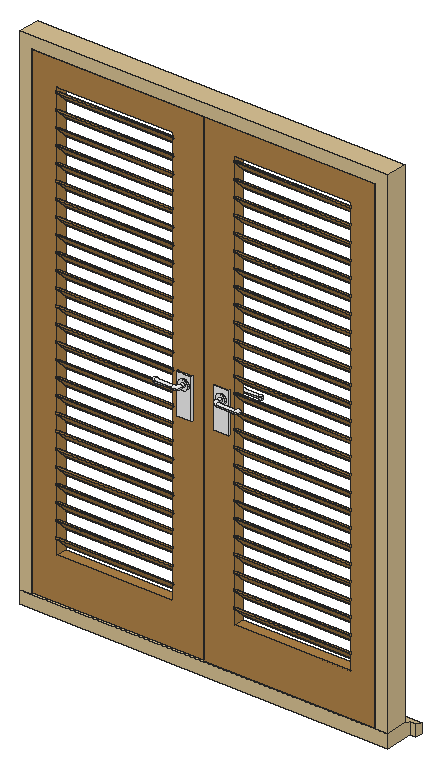
Revit family "e772d17741c8496a9564ea2639328768", category Doors, host Wall, Revit 2025
Family settings
  Host = Wall
  Always vertical = Yes
  Cut with Voids When Loaded = No
  Shared = No
  Room Calculation Point = No
Parameters (values of type "1510x2110mm")
  Wrap Layers (Int) from Ext = 177.5 mm
  Wrap Layers (Ext) from Ext = 102.5 mm
  Visual Light Transmittance = 0
  Vis - Ironmongery = yes
  Vis - Cavity Closers = yes
  Type Comments = "External Double"
  Thickness = Door Panel Thickness  # 44.0 mm
  Stile Top Rail = 100.0 mm
  Stile Shutting = 125.0 mm
  Stile Hanging = 100.0 mm
  Stile Bottom Rail = 175.0 mm
  Solar Heat Gain Coefficient = 0
  Rough Width = Width  # 1510.0 mm
  Rough Height = Height  # 2110.0 mm
  Operation = "DoubleDoorSingleSwing"
  O/A Frame Width = 64.0 mm
  Define Thermal Properties by = Schematic Type
  Construction Type Id = "MDOOR"
  No of Louvres = 26
  Material Louvres = Door - Panel
  Keynote = "L20"
  Heat Transfer Coefficient (U) = 3.7021 W/(m²·K)
  Handle Z Distance = 1050.0 mm
  Handle Style = Handle Domestic (1) : Handle Domestic (1)
  Function = Exterior
  FrameWidth = 42.0 mm
  FrameOffset - External = 25.0 mm
  FrameDepth = 89.0 mm
  Door Panel Width = (Width / 2) - (Structural Tolerance) - (1.5 * Tolerance) - (FrameWidth)  # 702.0 mm
  Door Panel Thickness = 44.0 mm
  Door Panel Height = Height - Structural Tolerance - Tolerance - FrameWidth - Undercut - Cill Thickness  # 2000.0 mm
  DONT CHANGE Louvre Length = Door Panel Width - Stile Shutting - Stile Hanging  # 477.0 mm
  Cill Thickness = 54.5 mm
  Cill Projection = 30.0 mm
  Handle X Distance = 75.0 mm
  Height = 2110.0 mm
  Material Door = Door - Panel
  Material Frame = Door - Frame/Mullion
  Material Ironmongery = Door - Handle
  Structural Tolerance = 6.5 mm
  Tolerance = 3.0 mm
  Undercut = 4.0 mm
  Wall Closure = By host
  Width = 1510.0 mm
  Cill Extension = 25.0 mm
  Cavity Closer Width = 50.0 mm
  Cavity Closer Offset from Ext = 102.5 mm
  Cavity Closer Depth = 85.0 mm
  Analytic Construction = "Metal"
Types (2, lengths in mm): name | Rough Width | Door Panel Width | DONT CHANGE Louvre Length | Width
  1510x2110mm | 1510.0 | 702.0 | 477.0 | 1510.0
  1810x2110mm | 1810.0 | 852.0 | 627.0 | 1810.0
Reference planes
  plane 1: y = 0
  plane 2 "Center L/R": x = 0
  plane 3 "Left": x = -755
  plane 4 "Right": x = 755
  plane 5 "Head Opening": z = 2110
  plane 6 "Exterior": y = 150
  plane 7 "Interior": y = -150
  plane 8 "ST left": x = -748.5
  plane 9 "ST right": x = 748.5
  plane 10 "Int frame left": x = -706.5
  plane 11 "Int frame right": x = 706.5
  plane 12 "Left T": x = -853.5
  plane 13 "RHS Leaf Edge": x = 703.5
  plane 14: z = 2103.5
  plane 15: z = 2061.5
  plane 16: z = 2058.5
  plane 17: y = 83
  plane 18 "Ironmongery Axis X": x = 76.5
  plane 19 "Ironmongery Axis Z": z = 1050
  plane 20 "LHS Leaf Edge": x = -703.5
  plane 21: z = 0
  plane 22: y = 80
  plane 23: y = 125
  plane 24: y = 36
  plane 25 "LHS Cill Extension": x = -780
  plane 26 "RHS Cill Extension": x = 780
  plane 27: y = 180
  plane 28: z = 58.5
  plane 29 "Threshold": z = 54.5
  plane 30 "Front Cavity Closer": y = 47.5
  plane 31 "Mid LHS Leaf": x = -1.5
  plane 32 "Mid RHS Leaf": x = 1.5
  plane 33: x = -76.5
  plane 34: z = 233.5
  plane 35: z = 1958.5
  plane 36: x = -603.5
  plane 37: x = -126.5
  plane 38: x = 126.5
  plane 39: x = 603.5
  plane 40: y = 47.5
  plane 41: y = -27.5
Forms (mm)
  Sweep 1, solid, material "Door - Frame/Mullion" <- "Material Frame"
    path origin (0, 125, 0) x (1, 0, 0) y (0, 0, 1)
      loop
        line (748.5, 54.5) -> (748.5, 2103.5) -> (-748.5, 2103.5) -> (-748.5, 54.5)
    profile origin (0, 0, 1079) x (-1, 0, 0) y (0, -1, 0)
      loop
        line (-755, -125) -> (-684.5, -125) -> (-684.5, -83) -> (-706.5, -83) -> (-706.5, -36) -> (-755, -36) -> (-755, -125)
  Extrusion 2, solid, material "Door - Panel" <- "Material Door"
    sketch origin (0, 36, 0) x (1, 0, 0) y (0, 0, 1)
      loop
        line (1.5, 58.5) -> (703.5, 58.5) -> (703.5, 2058.5) -> (1.5, 2058.5) -> (1.5, 58.5)
      loop
        line (-1.5, 58.5) -> (-1.5, 2058.5) -> (-703.5, 2058.5) -> (-703.5, 58.5) -> (-1.5, 58.5)
      loop
        line (-603.5, 1958.5) -> (-603.5, 233.5) -> (-126.5, 233.5) -> (-126.5, 1958.5) -> (-603.5, 1958.5)
      loop
        line (126.5, 1958.5) -> (126.5, 233.5) -> (603.5, 233.5) -> (603.5, 1958.5) -> (126.5, 1958.5)
    from 0 to -44
  Extrusion 3, solid, material "Door - Frame/Mullion" <- "Material Frame"
    sketch origin (0, 0, 0) x (0, 1, 0) y (0, 0, 1)
      loop
        line (36, 54.5) -> (36, 0) -> (180, 0) -> (180, 38.595) -> (125, 54.5) -> (36, 54.5)
    from -780 to 780
  Extrusion 4, void
    sketch origin (0, 0, 0) x (0, 1, 0) y (1, 0, 0)
      loop
        line (150, -790) -> (150, -755) -> (36, -755) -> (36, -790) -> (150, -790)
    from 0 to -54.5
  Extrusion 5, void
    sketch origin (0, 0, 0) x (0, 1, 0) y (1, 0, 0)
      loop
        line (150, 755) -> (150, 790) -> (36, 790) -> (36, 755) -> (150, 755)
    from 0 to -54.5
Cuts and joins
  Extrusion 4, Extrusion 5 cuts Sweep 1
  Extrusion 4, Extrusion 5 cuts Extrusion 2
  Extrusion 4, Extrusion 5 cuts Extrusion 3
Lines and regions (mm)
  Opening 1
    outline origin (-5000, -150, 0) x (1, 0, 0) y (0, 0, 1)
      loop
        line (5755, 2110) -> (4245, 2110) -> (4245, 0) -> (5755, 0) -> (5755, 2110)
  Masking region 1, detail levels medium+fine
    outline origin (0, 0, 0) x (0, 1, 0) y (-1, 0, 0)
      loop
        line (-666, 703.5) -> (-666, 659.5) -> (36, 659.5) -> (36, 703.5) -> (-666, 703.5)
      loop
        line (36, -659.5) -> (-666, -659.5) -> (-666, -703.5) -> (36, -703.5) -> (36, -659.5)
  Masking region 2, detail levels medium+fine
    outline origin (0, 0, 54.5) x (0, 1, 0) y (-1, 0, 0)
      loop
        line (36, -755) -> (150, -755) -> (150, -780) -> (180, -780) -> (180, 780) -> (150, 780) -> (150, 755) -> (36, 755) -> (36, -755)
  symbolic lines, style "DoorsPanelProjection", detail levels medium+fine
    curve 1: line (703.5, 36, 0) -> (659.5, 36, 0)
    curve 3: line (703.5, -666, 0) -> (659.5, -666, 0)
    curve 4: line (659.5, 36, 0) -> (659.5, -666, 0)
    curve 22: line (-703.5, 36, 0) -> (-659.5, 36, 0)
    curve 24: line (-703.5, -666, 0) -> (-659.5, -666, 0)
    curve 25: line (-659.5, 36, 0) -> (-659.5, -666, 0)
  symbolic lines, style "DoorsPanelProjection"
    curve 2: line (703.5, -666, 0) -> (703.5, 36, 0)
    curve 23: line (-703.5, -666, 0) -> (-703.5, 36, 0)
  symbolic lines, style "Threshold", detail levels medium+fine
    curve 5: line (-780, 150, 0) -> (-780, 180, 0)
    curve 6: line (-780, 180, 0) -> (780, 180, 0)
    curve 7: line (780, 180, 0) -> (780, 150, 0)
  symbolic lines, style "Cavity Closer", visible <- "Vis - Cavity Closers", detail levels medium+fine
    curve 8: line (-805, -37.5, 0) -> (-755, -37.5, 0)
    curve 9: line (-805, 47.5, 0) -> (-805, -37.5, 0)
    curve 10: line (-755, 47.5, 0) -> (-805, 47.5, 0)
    curve 11: line (-755, -37.5, 0) -> (-755, 47.5, 0)
    curve 12: line (755, -37.5, 0) -> (805, -37.5, 0)
    curve 13: line (755, 47.5, 0) -> (755, -37.5, 0)
    curve 14: line (805, 47.5, 0) -> (755, 47.5, 0)
    curve 15: line (805, -37.5, 0) -> (805, 47.5, 0)
    curve 16: line (-805, -37.5, 0) -> (-755, 47.5, 0)
    curve 17: line (-805, 47.5, 0) -> (-755, -37.5, 0)
    curve 18: line (755, -37.5, 0) -> (805, 47.5, 0)
    curve 19: line (755, 47.5, 0) -> (805, -37.5, 0)
  symbolic lines, style "Plan Swing"
    curve 20: arc (1.5, 36, 0) -> (207.111, -460.389, 0) -> (703.5, -666, 0) r 702
    curve 21: arc (-1.5, 36, 0) -> (-207.111, -460.389, 0) -> (-703.5, -666, 0) r 702
  symbolic lines, style "Elevation Swing"
    curve 26: line (0, 0, 54.5) -> (684.5, 0, 1029.25)
    curve 27: line (684.5, 0, 1029.25) -> (0, 0, 2039.5)
    curve 28: line (0, 0, 2039.5) -> (-684.5, 0, 1029.25)
    curve 29: line (0, 0, 54.5) -> (-684.5, 0, 1029.25)
  symbolic lines, style "DoorsFrameMullionProjection", detail levels coarse
    curve 30: line (0, 125, 2110) -> (0, 125, 54.5)
    curve 31: line (0, 125, 2039.5) -> (0, 83, 2039.5)
    curve 32: line (0, 83, 54.5) -> (0, 83, 2061.5)
    curve 33: line (0, 83, 2061.5) -> (0, 36, 2061.5)
    curve 34: line (0, 36, 54.5) -> (0, 36, 2110)
  symbolic lines, style "DoorsPanelProjection", detail levels coarse
    curve 35: line (0, 80, 2058.5) -> (0, 80, 58.5)
    curve 36: line (0, 36, 2058.5) -> (0, 80, 2058.5)
    curve 37: line (0, 80, 58.5) -> (0, 36, 58.5)
  symbolic lines, style "Threshold", detail levels coarse
    curve 38: line (0, 180, 38.595) -> (0, 180, 0)
    curve 39: line (0, 125, 54.5) -> (0, 180, 38.595)
    curve 40: line (0, 36, 54.5) -> (0, 125, 54.5)
    curve 41: line (0, 36, 0) -> (0, 36, 54.5)
  symbolic lines, style "Doors", detail levels medium+fine
    curve 42: line (191.5, 0, 1873.5) -> (138.5, 0, 1873.5)
Text (mm)
  text "Exterior" at (-1796.445, 976.134, 0), in view "Ref. Level"
  text "Exterior" at (0, 1615.38, 2893.938), in view "Left"
  text "Exterior" at (0, 1036.032, 3874.932), in view "Right"
Dimensions and locks
  equal spacing: plane 3 "Left", plane 2 "Center L/R", plane 4 "Right"
  "Width": plane 3 "Left" to plane 4 "Right"
  "Height": level to plane 5 "Head Opening"
  locked: plane 6 "Exterior" to host wall
  locked: plane 7 "Interior" to host wall
  "Structural Tolerance": plane 3 "Left" to plane 8 "ST left"
  "Structural Tolerance": plane 9 "ST right" to plane 4 "Right"
  "Tolerance": plane 13 "RHS Leaf Edge" to plane 11 "Int frame right"
  "Structural Tolerance": plane 5 "Head Opening" to plane 14
  "Tolerance": plane 15 to plane 16
  "Door Panel Thickness": plane 24 to plane 22
  "Tolerance": plane 10 "Int frame left" to plane 20 "LHS Leaf Edge"
  "Tolerance": plane 22 to plane 17
  "FrameDepth": plane 24 to plane 23
  "FrameWidth": plane 8 "ST left" to plane 10 "Int frame left"
  "FrameWidth": plane 11 "Int frame right" to plane 9 "ST right"
  "Door Panel Thickness": curve 4 to plane 13 "RHS Leaf Edge"
  "O/A Frame Width": Sweep 1 sketch curve to plane 9 "ST right"
  "FrameOffset - External": plane 23 to plane 6 "Exterior"
  "Cill Extension": plane 25 "LHS Cill Extension" to plane 3 "Left"
  "Cill Projection": plane 6 "Exterior" to plane 27
  "Cill Extension": plane 4 "Right" to plane 26 "RHS Cill Extension"
  "Undercut": plane 29 "Threshold" to plane 28
  "FrameWidth": plane 14 to plane 15
  "Cill Thickness": plane 29 "Threshold" to plane 21
  locked: Extrusion 4 sketch curve to plane 25 "LHS Cill Extension" at 10
  locked: plane 26 "RHS Cill Extension" to Extrusion 5 sketch curve at 10
  "Handle Z Distance": level to plane 19 "Ironmongery Axis Z"
  "Cavity Closer Offset from Ext": plane 30 "Front Cavity Closer" to plane 6 "Exterior"
  "Cavity Closer Depth": curve 8 to plane 30 "Front Cavity Closer"
  "Cavity Closer Depth": curve 12 to plane 30 "Front Cavity Closer"
  "Cavity Closer Width": curve 9 to plane 3 "Left"
  "Cavity Closer Width": plane 4 "Right" to curve 15
  "Cavity Closer Offset from Ext": nested 2 to plane 6 "Exterior"
  cut or joined group of Extrusion 3, Extrusion 4, Extrusion 5 to cut or joined group of Sweep 1, Extrusion 4, Extrusion 5 = 1985.0 mm
  "Tolerance": plane 31 "Mid LHS Leaf" to plane 32 "Mid RHS Leaf"
  equal spacing: plane 31 "Mid LHS Leaf", plane 2 "Center L/R", plane 32 "Mid RHS Leaf"
  "Handle X Distance": plane 32 "Mid RHS Leaf" to plane 18 "Ironmongery Axis X"
  "Handle X Distance": plane 33 to plane 31 "Mid LHS Leaf"
  "Door Panel Thickness": curve 23 to curve 25
  equal spacing: level, curve 27, plane 16
  equal spacing: level, curve 29, plane 16
  "Stile Hanging": plane 39 to plane 13 "RHS Leaf Edge"
  "Stile Bottom Rail": plane 34 to plane 28
  "Stile Top Rail": plane 16 to plane 35
  "Stile Shutting": plane 32 "Mid RHS Leaf" to plane 38
  "Stile Shutting": plane 37 to plane 31 "Mid LHS Leaf"
  "Stile Hanging": plane 20 "LHS Leaf Edge" to plane 36
  "Wrap Layers (Ext) from Ext": plane 40 to plane 6 "Exterior"
  locked: plane 34 to nested 3 at 15
  equal spacing: group 1, group 5, group 7, group 8, group 9, group 10, group 11, group 12, group 13, group 14, group 15, group 16, group 17, group 18, group 19, group 20, group 21, group 22, group 23, group 24, group 25, group 26, group 27, group 28, group 29, group 2  (x3)
  locked: nested 4 to plane 35 at 15
  locked: plane 34 to nested 5 at 15
  equal spacing: group 3, group 6, group 30, group 31, group 32, group 33, group 34, group 35, group 36, group 37, group 38, group 39, group 40, group 41, group 42, group 43, group 44, group 45, group 46, group 47, group 48, group 49, group 50, group 51, group 52, group 4  (x3)
  locked: nested 6 to plane 35 at 15
  "Wrap Layers (Int) from Ext": plane 41 to plane 6 "Exterior"
  aligned and locked: plane 1 to host wall
  aligned and locked: plane 9 "ST right" to Sweep 1 sketch curve
  aligned and locked: plane 14 to Sweep 1 sketch curve
  aligned and locked: profile plane to plane 9 "ST right"
  aligned and locked: Sweep 1 sketch curve to plane 4 "Right"
  aligned and locked: Sweep 1 sketch curve to plane 17
  aligned and locked: plane 11 "Int frame right" to Sweep 1 sketch curve
  aligned and locked: plane 24 to Sweep 1 sketch curve
  aligned and locked: Sweep 1 sketch curve to plane 23
  aligned and locked: plane 16 to Extrusion 2 sketch curve
  aligned and locked: Extrusion 2 to plane 22
  aligned and locked: curve 1 to plane 24
  aligned and locked: Extrusion 3 to plane 26 "RHS Cill Extension"
  aligned and locked: Extrusion 3 to plane 25 "LHS Cill Extension"
  aligned and locked: plane 29 "Threshold" to Extrusion 3
  aligned and locked: Sweep 1 to Extrusion 3 sketch curve
  aligned and locked: plane 29 "Threshold" to Sweep 1 sketch curve  (x2)
  aligned and locked: plane 28 to Extrusion 2
  aligned and locked: plane 29 "Threshold" to Extrusion 4
  aligned and locked: plane 24 to Extrusion 5 sketch curve
  aligned and locked: plane 29 "Threshold" to Extrusion 5
  aligned and locked: plane 25 "LHS Cill Extension" to curve 5
  aligned and locked: curve 6 to plane 27
  aligned and locked: curve 7 to plane 26 "RHS Cill Extension"
  aligned and locked: plane 3 "Left" to nested 1
  aligned and locked: nested 1 to plane 30 "Front Cavity Closer"
  aligned and locked: nested 2 to plane 4 "Right"
  aligned and locked: plane 30 "Front Cavity Closer" to nested 2
  aligned and locked: plane 32 "Mid RHS Leaf" to cut or joined group of Extrusion 2, Extrusion 4, Extrusion 5
  aligned and locked: Extrusion 2 sketch curve to plane 31 "Mid LHS Leaf"
  aligned and locked: plane 28 to Extrusion 2 sketch curve
  aligned and locked: cut or joined group of Extrusion 2, Extrusion 4, Extrusion 5 to plane 16
  aligned and locked: Extrusion 2 sketch curve to plane 20 "LHS Leaf Edge"
  aligned and locked: cut or joined group of Sweep 1, Extrusion 4, Extrusion 5 to curve 29
  aligned and locked: plane 39 to Extrusion 2 sketch curve
  aligned and locked: plane 38 to Extrusion 2 sketch curve
  aligned and locked: Extrusion 2 sketch curve to plane 35  (x2)
  aligned and locked: plane 34 to Extrusion 2 sketch curve  (x2)
  aligned and locked: plane 37 to Extrusion 2 sketch curve
  aligned and locked: plane 36 to Extrusion 2 sketch curve
  aligned and locked: curve 23 to plane 20 "LHS Leaf Edge"
  aligned and locked: curve 30 to cut or joined group of Sweep 1, Extrusion 4, Extrusion 5
  aligned and locked: curve 31 to cut or joined group of Sweep 1, Extrusion 4, Extrusion 5
  aligned and locked: curve 32 to cut or joined group of Sweep 1, Extrusion 4, Extrusion 5
  aligned and locked: curve 33 to cut or joined group of Sweep 1, Extrusion 4, Extrusion 5
  aligned and locked: curve 34 to cut or joined group of Sweep 1, Extrusion 4, Extrusion 5
  aligned and locked: curve 35 to cut or joined group of Extrusion 2, Extrusion 4, Extrusion 5
  aligned and locked: curve 36 to cut or joined group of Extrusion 2, Extrusion 4, Extrusion 5
  aligned and locked: curve 37 to cut or joined group of Extrusion 2, Extrusion 4, Extrusion 5
  aligned and locked: curve 38 to cut or joined group of Extrusion 3, Extrusion 4, Extrusion 5
  aligned and locked: curve 39 to cut or joined group of Extrusion 3, Extrusion 4, Extrusion 5
  aligned and locked: curve 40 to cut or joined group of Extrusion 3, Extrusion 4, Extrusion 5
  aligned and locked: curve 41 to cut or joined group of Extrusion 3, Extrusion 4, Extrusion 5
  aligned and locked: plane 36 to nested 3
  aligned and locked: plane 22 to nested 3
  aligned and locked: plane 22 to nested 4
  aligned and locked: plane 36 to nested 4
  aligned and locked: nested 5 to plane 39
  aligned and locked: plane 22 to nested 5
  aligned and locked: plane 22 to nested 6
  aligned and locked: nested 6 to plane 39
  aligned and locked: nested 10 to plane 22
  aligned and locked: plane 22 to nested 9
  aligned and locked: nested 11 to cut or joined group of Extrusion 3, Extrusion 4, Extrusion 5
  aligned and locked: cut or joined group of Extrusion 3, Extrusion 4, Extrusion 5 to nested 12
  aligned and locked: Masking region 1 sketch curve to curve 23
  aligned and locked: Masking region 1 sketch curve to curve 25
  aligned and locked: Masking region 1 sketch curve to curve 24
  aligned and locked: Masking region 1 sketch curve to curve 22
  aligned and locked: Masking region 1 sketch curve to curve 4
  aligned and locked: Masking region 1 sketch curve to curve 2
  aligned and locked: Masking region 1 sketch curve to curve 3
  aligned and locked: Masking region 1 sketch curve to curve 1
  aligned and locked: plane 24 to Masking region 2 sketch curve
  aligned and locked: plane 3 "Left" to Masking region 2 sketch curve
  aligned and locked: plane 25 "LHS Cill Extension" to Masking region 2 sketch curve
  aligned and locked: plane 6 "Exterior" to Masking region 2 sketch curve
  aligned and locked: plane 26 "RHS Cill Extension" to Masking region 2 sketch curve
  aligned and locked: plane 4 "Right" to Masking region 2 sketch curve
  aligned and locked: Masking region 2 sketch curve to plane 27
Automatic sketch dimensions
  Extrusion 3 sketch curve to plane 24 = 0.0 mm
  Extrusion 3 sketch curve to plane 27 = 0.0 mm
  Extrusion 3 sketch curve to level = 0.0 mm
  Extrusion 3 sketch curve to plane 29 "Threshold" = 0.0 mm
  Extrusion 3 sketch curve to plane 29 "Threshold" = 15.905 mm
  Sweep 1 sketch curve to plane 8 "ST left" = 0.0 mm
  Extrusion 4 sketch curve to plane 24 = 0.0 mm
  Extrusion 4 sketch curve to host wall = 0.0 mm
  Extrusion 4 sketch curve to plane 3 "Left" = 0.0 mm
  Extrusion 5 sketch curve to host wall = 0.0 mm
  Extrusion 5 sketch curve to plane 4 "Right" = 0.0 mm
  curve 11 to plane 3 "Left" = 0.0 mm
  curve 20 to plane 32 "Mid RHS Leaf" = 0.0 mm
  curve 2 to plane 13 "RHS Leaf Edge" = 0.0 mm
  curve 19 to plane 4 "Right" = 0.0 mm
  curve 11 to plane 30 "Front Cavity Closer" = 0.0 mm
  curve 13 to plane 30 "Front Cavity Closer" = 0.0 mm
  curve 7 to host wall = 0.0 mm
  curve 5 to host wall = 0.0 mm
  curve 21 to plane 31 "Mid LHS Leaf" = 0.0 mm
  curve 22 to plane 24 = 0.0 mm
  Extrusion 2 sketch curve to plane 32 "Mid RHS Leaf" = 0.0 mm
  Extrusion 2 sketch curve to plane 13 "RHS Leaf Edge" = 0.0 mm
  Extrusion 2 sketch curve to plane 28 = 0.0 mm
  Extrusion 2 sketch curve to plane 16 = 0.0 mm
  curve 21 to plane 24 = 0.0 mm
  curve 20 to plane 24 = 0.0 mm
  curve 30 to plane 5 "Head Opening" = 0.0 mm
  curve 34 to plane 5 "Head Opening" = 0.0 mm
  curve 38 to level = 0.0 mm
  curve 41 to level = 0.0 mm
  curve 27 to plane 2 "Center L/R" = 0.0 mm
  curve 29 to plane 29 "Threshold" = 0.0 mm
  plane 16 to curve 27 = 19.0 mm
  plane 13 "RHS Leaf Edge" to curve 27 = 19.0 mm
  curve 42 to plane 38 = 12.0 mm
  plane 35 to curve 42 = 85.0 mm
  curve 42 to curve 42 = 53.0 mm
  Opening 1 sketch curve to plane 3 "Left" = 0.0 mm
  Opening 1 sketch curve to level = 0.0 mm
  Opening 1 sketch curve to plane 4 "Right" = 0.0 mm
  Opening 1 sketch curve to plane 5 "Head Opening" = 0.0 mm
  Masking region 2 sketch curve to host wall = 0.0 mm
  curve 29 to plane 2 "Center L/R" = 0.0 mm
Nested families
  nested 1: "Cavity Closer" at (-805, 47.5, 0), visible <- "Vis - Cavity Closers", type "Cavity Closer", detail levels medium+fine
    with Closer Depth 85.0 mm
  nested 2: "Cavity Closer" at (755, 47.5, 0), visible <- "Vis - Cavity Closers", type "Cavity Closer", detail levels medium+fine
    with Closer Depth 85.0 mm
  nested 3: "Louvre Blade" at (-392.169, 58.463, 274.9), type "Louvre Blade"
  nested 4: "Louvre Blade" at (-392.169, 58.463, 1917.1), type "Louvre Blade"
  nested 5: "Louvre Blade" at (337.831, 58.463, 274.9), type "Louvre Blade"
  nested 6: "Louvre Blade" at (337.831, 58.463, 1917.1), type "Louvre Blade"
  nested 7: "Louvre Blade" at (-392.169, 58.463, 340.588), type "Louvre Blade"
  nested 8: "Louvre Blade" at (337.831, 58.463, 340.588), type "Louvre Blade"
  nested 9: "Handle Domestic (1)" at (1.5, 80, 0), visible <- "Vis - Ironmongery", type <- "Handle Style", type "Handle Domestic (1)", detail levels medium+fine
    with Handle Z Distance 1050.0 mm, Handle X Distance 75.0 mm
  nested 10: "Handle Domestic (1)" at (-1.5, 80, 0) x (-1, 0, 0) z (0, 0, 1), visible <- "Vis - Ironmongery", type <- "Handle Style", type "Handle Domestic (1)", detail levels medium+fine
    with Handle Z Distance 1050.0 mm, Handle X Distance 75.0 mm
  nested 11: "Handle Domestic (1)" at (-1.5, 36, 0) x (-1, 0, 0) z (0, 0, 1), visible <- "Vis - Ironmongery", type <- "Handle Style", type "Handle Domestic (1)", detail levels medium+fine
    with Handle Z Distance 1050.0 mm, Handle X Distance 75.0 mm
  nested 12: "Handle Domestic (1)" at (1.5, 36, 0), visible <- "Vis - Ironmongery", type <- "Handle Style", type "Handle Domestic (1)", detail levels medium+fine
    with Handle Z Distance 1050.0 mm, Handle X Distance 75.0 mm
  nested 13: "Louvre Blade" at (-392.169, 58.463, 406.276), type "Louvre Blade"
  nested 14: "Louvre Blade" at (-392.169, 58.463, 471.964), type "Louvre Blade"
  nested 15: "Louvre Blade" at (-392.169, 58.463, 537.652), type "Louvre Blade"
  nested 16: "Louvre Blade" at (-392.169, 58.463, 603.34), type "Louvre Blade"
  nested 17: "Louvre Blade" at (-392.169, 58.463, 669.028), type "Louvre Blade"
  nested 18: "Louvre Blade" at (-392.169, 58.463, 734.716), type "Louvre Blade"
  nested 19: "Louvre Blade" at (-392.169, 58.463, 800.404), type "Louvre Blade"
  nested 20: "Louvre Blade" at (-392.169, 58.463, 866.092), type "Louvre Blade"
  nested 21: "Louvre Blade" at (-392.169, 58.463, 931.78), type "Louvre Blade"
  nested 22: "Louvre Blade" at (-392.169, 58.463, 997.468), type "Louvre Blade"
  nested 23: "Louvre Blade" at (-392.169, 58.463, 1063.156), type "Louvre Blade"
  nested 24: "Louvre Blade" at (-392.169, 58.463, 1128.844), type "Louvre Blade"
  nested 25: "Louvre Blade" at (-392.169, 58.463, 1194.532), type "Louvre Blade"
  nested 26: "Louvre Blade" at (-392.169, 58.463, 1260.22), type "Louvre Blade"
  nested 27: "Louvre Blade" at (-392.169, 58.463, 1325.908), type "Louvre Blade"
  nested 28: "Louvre Blade" at (-392.169, 58.463, 1391.596), type "Louvre Blade"
  nested 29: "Louvre Blade" at (-392.169, 58.463, 1457.284), type "Louvre Blade"
  nested 30: "Louvre Blade" at (-392.169, 58.463, 1522.972), type "Louvre Blade"
  nested 31: "Louvre Blade" at (-392.169, 58.463, 1588.66), type "Louvre Blade"
  nested 32: "Louvre Blade" at (-392.169, 58.463, 1654.348), type "Louvre Blade"
  nested 33: "Louvre Blade" at (-392.169, 58.463, 1720.036), type "Louvre Blade"
  nested 34: "Louvre Blade" at (-392.169, 58.463, 1785.724), type "Louvre Blade"
  nested 35: "Louvre Blade" at (-392.169, 58.463, 1851.412), type "Louvre Blade"
  nested 36: "Louvre Blade" at (337.831, 58.463, 406.276), type "Louvre Blade"
  nested 37: "Louvre Blade" at (337.831, 58.463, 471.964), type "Louvre Blade"
  nested 38: "Louvre Blade" at (337.831, 58.463, 537.652), type "Louvre Blade"
  nested 39: "Louvre Blade" at (337.831, 58.463, 603.34), type "Louvre Blade"
  nested 40: "Louvre Blade" at (337.831, 58.463, 669.028), type "Louvre Blade"
  nested 41: "Louvre Blade" at (337.831, 58.463, 734.716), type "Louvre Blade"
  nested 42: "Louvre Blade" at (337.831, 58.463, 800.404), type "Louvre Blade"
  nested 43: "Louvre Blade" at (337.831, 58.463, 866.092), type "Louvre Blade"
  nested 44: "Louvre Blade" at (337.831, 58.463, 931.78), type "Louvre Blade"
  nested 45: "Louvre Blade" at (337.831, 58.463, 997.468), type "Louvre Blade"
  nested 46: "Louvre Blade" at (337.831, 58.463, 1063.156), type "Louvre Blade"
  nested 47: "Louvre Blade" at (337.831, 58.463, 1128.844), type "Louvre Blade"
  nested 48: "Louvre Blade" at (337.831, 58.463, 1194.532), type "Louvre Blade"
  nested 49: "Louvre Blade" at (337.831, 58.463, 1260.22), type "Louvre Blade"
  nested 50: "Louvre Blade" at (337.831, 58.463, 1325.908), type "Louvre Blade"
  nested 51: "Louvre Blade" at (337.831, 58.463, 1391.596), type "Louvre Blade"
  nested 52: "Louvre Blade" at (337.831, 58.463, 1457.284), type "Louvre Blade"
  nested 53: "Louvre Blade" at (337.831, 58.463, 1522.972), type "Louvre Blade"
  nested 54: "Louvre Blade" at (337.831, 58.463, 1588.66), type "Louvre Blade"
  nested 55: "Louvre Blade" at (337.831, 58.463, 1654.348), type "Louvre Blade"
  nested 56: "Louvre Blade" at (337.831, 58.463, 1720.036), type "Louvre Blade"
  nested 57: "Louvre Blade" at (337.831, 58.463, 1785.724), type "Louvre Blade"
  nested 58: "Louvre Blade" at (337.831, 58.463, 1851.412), type "Louvre Blade"
Definition of nested family "Louvre Blade"
  Parameters
    Material Blade = none
    Length = 477.0 mm
    Blade Width = 44.0 mm
    Assembly Code = ""
    Vert Blade = Blade Width / 10  # 4.4 mm
  Reference planes
    plane 1 "Center (Front/Back)": y = -0.463
    plane 2: z = 0
    plane 3 "Center (Left/Right)": x = 27.169
    plane 4: x = -211.331
    plane 5: x = 265.669
    plane 6: y = -22.463
    plane 7: y = 21.537
    plane 8: z = 22
    plane 9: z = -22
  Forms (mm)
    Extrusion 1, solid, material <- "Material Blade"
      sketch origin (27.169, 0, 0) x (0, 1, 0) y (0, 0, 1)
        loop
          line (-22.463, 26.4) -> (-25.463, 26.4) -> (-25.463, 20.757) -> (18.537, -23.243) -> (18.537, -26.4) -> (21.537, -26.4) -> (21.537, -22) -> (-22.463, 22) -> (-22.463, 26.4)
      from -238.5 to 238.5
  Dimensions and locks
    equal spacing: plane 4, plane 3 "Center (Left/Right)", plane 5
    "Length": plane 4 to plane 5
    equal spacing: plane 6, plane 1 "Center (Front/Back)", plane 7
    "Blade Width": plane 6 to plane 7
    "Blade Width": plane 9 to plane 8
    equal spacing: plane 9, plane 2, plane 8
    "Vert Blade": plane 8 to Extrusion 1 sketch curve
    "Vert Blade": Extrusion 1 sketch curve to plane 9
    aligned and locked: Extrusion 1 to plane 5
    aligned and locked: plane 4 to Extrusion 1
  Automatic sketch dimensions
    Extrusion 1 sketch curve to plane 6 = 0.0 mm
    Extrusion 1 sketch curve to plane 7 = 0.0 mm
    Extrusion 1 sketch curve to plane 9 = 0.0 mm
    Extrusion 1 sketch curve to plane 8 = 0.0 mm
    plane 8 to Extrusion 1 sketch curve = 1.243 mm
    plane 6 to Extrusion 1 sketch curve = 3.0 mm
    plane 7 to Extrusion 1 sketch curve = 3.0 mm
    plane 9 to Extrusion 1 sketch curve = 1.243 mm
Definition of nested family "Handle Domestic (1)"
  Parameters
    Manufacturer = "Revit"
    Material Ironmongery = none
    Handle Z Distance = 0.0 mm
    Handle X Distance = 65.0 mm
  Reference planes
    plane 1 "Center (Front/Back)": y = 0
    plane 2: z = 0
    plane 3 "Center (Left/Right)": x = 0
    plane 4: z = 0
    plane 5: x = 65
  Forms (mm)
    Extrusion 1, solid, material <- "Material Ironmongery", detail levels medium+fine
      sketch origin (0, 0, 0) x (1, 0, 0) y (0, 0, 1)
        loop
          line (35, 40) -> (35, -125) -> (95, -125) -> (95, 40) -> (35, 40)
      from 0 to -6
    Sweep 2, solid, material <- "Material Ironmongery", detail levels medium+fine
      path origin (0, 0, 0) x (0, -1, 0) y (1, 0, 0)
        loop
          line (-10.593, 65) -> (-26, 65)
          arc (-26, 65) -> (-36.607, 69.393) -> (-41, 80) r 15
          line (-41, 80) -> (-41, 152)
          arc (-41, 152) -> (-38.657, 157.657) -> (-33, 160) r 8
      profile origin (0, 18.296, 0) x (-1, 0, 0) y (0, 0, 1)
        loop
          circle (-65, 0) r 7
    Extrusion 3, solid, material <- "Material Ironmongery", detail levels medium+fine
      sketch origin (0, 0, 0) x (1, 0, 0) y (0, 0, 1)
        loop
          circle (65, 0) r 20
      from -6 to -10.593
  Dimensions and locks
    "Handle Z Distance": plane 4 to level
    "Handle X Distance": plane 5 to plane 3 "Center (Left/Right)"
    aligned and locked: Extrusion 1 to Extrusion 3
    aligned and locked: Extrusion 3 to Sweep 2 sketch curve
  Automatic sketch dimensions
    Sweep 2 sketch curve to plane 4 = 0.0 mm
    Sweep 2 sketch curve to profile plane = 0.0 mm
    Extrusion 3 sketch curve to plane 4 = 0.0 mm
    Extrusion 3 sketch curve to plane 5 = 0.0 mm
    Sweep 2 sketch curve to plane 5 = 0.0 mm
    Sweep 2 sketch curve to plane 1 "Center (Front/Back)" = 41.0 mm
    Sweep 2 sketch curve to Sweep 2 sketch curve = 8.0 mm
    Sweep 2 sketch curve to Sweep 2 sketch curve = 15.0 mm
    Sweep 2 sketch curve to Sweep 2 sketch curve = 72.0 mm
    plane 5 to Extrusion 1 sketch curve = 30.0 mm
    Extrusion 1 sketch curve to plane 5 = 30.0 mm
    plane 4 to Extrusion 1 sketch curve = 125.0 mm
    Extrusion 1 sketch curve to plane 4 = 40.0 mm
    radius of Sweep 2 sketch curve = 7.0 mm
    radius of Extrusion 3 sketch curve = 20.0 mm
Definition of nested family "Cavity Closer"
  Parameters
    Closer Width = 50.0 mm
    Closer Depth = 75.0 mm
  Reference planes
    plane 1 "Center (Front/Back)": y = 0
    plane 2: z = 0
    plane 3 "Center (Left/Right)": x = 0
    plane 4: x = 50, in view "Ref. Level"
    plane 5: y = -75, in view "Ref. Level"
  Lines and regions (mm)
    Masking region 1, in view "Ref. Level"
      outline origin (0, 0, 0) x (1, 0, 0) y (0, 1, 0)
        loop
          line (0, 0) -> (0, -75) -> (50, -75) -> (50, 0) -> (0, 0)
  Dimensions and locks
    "Closer Width": plane 3 "Center (Left/Right)" to plane 4
    "Closer Depth": plane 5 to plane 1 "Center (Front/Back)"
  Automatic sketch dimensions
    Masking region 1 sketch curve to plane 3 "Center (Left/Right)" = 0.0 mm
    Masking region 1 sketch curve to plane 4 = 0.0 mm
    Masking region 1 sketch curve to plane 5 = 0.0 mm
    Masking region 1 sketch curve to plane 1 "Center (Front/Back)" = 0.0 mm
